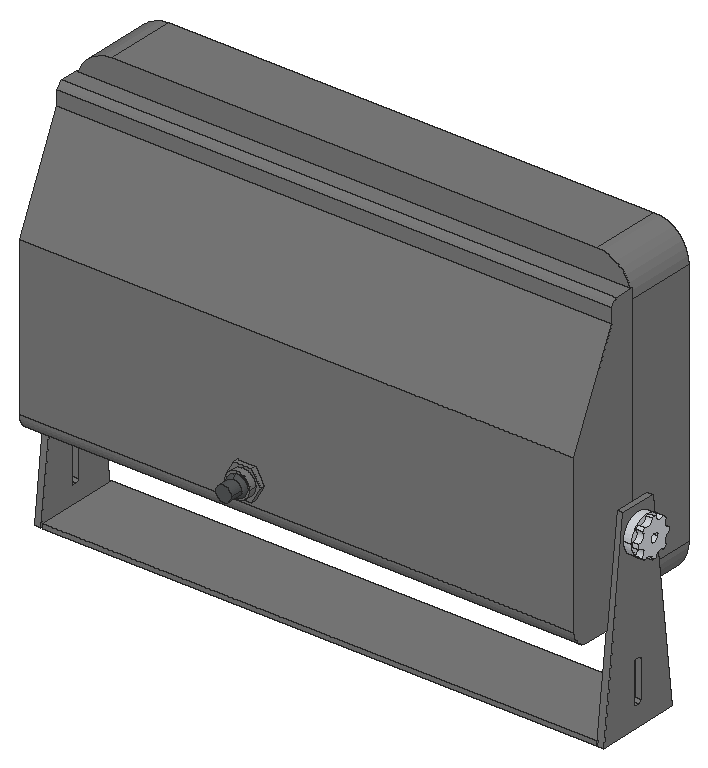
Revit family "WALL WASHER PRO_LV363WW.60", category Luminarias, Revit 2019 (continued)
Parameters (values of type "REFL_LV363WW.60")
    .32   112.88   \r\n 120.44   127.96   135.49   143.01   150.53   158.05   165.58   173.10   180.30   187.18   \r\n 194.07   199.38   204.68   208.54   210.94   213.35   212.16   210.97   207.62   202.11   \r\n 196.60   188.25   179.90   171.03   161.64   152.25   142.86   133.47   124.08   114.69   \r\n 105.30   99.12    92.94    86.76    80.58    74.41    68.23    62.05    56.16    50.57    \r\n 44.98    41.93    38.89    35.84    32.80    29.76    26.71    23.67    20.62    17.58    \r\n 14.53    11.49    8.45     6.78     6.51     6.23     5.95     5.67     5.39     5.11     \r\n 4.83     \r\n5.42     6.18     6.93     7.69     8.45     9.21     9.97     10.73    12.57    15.51    \r\n 18.44    21.37    24.30    27.24    30.17    33.10    36.04    38.97    41.90    44.83    \r\n 47.77    53.29    58.81    64.96    71.73    78.51    85.28    92.06    98.83    105.61   \r\n 112.38   118.58   124.77   130.96   137.15   143.34   149.54   155.73   161.60   167.16   \r\n 172.72   176.98   181.24   184.38   186.42   188.45   187.98   187.50   185.10   180.76   \r\n 176.42   169.64   162.85   155.44   147.41   139.38   131.34   123.31   115.28   107.24   \r\n 99.21    93.56    87.91    82.26    76.61    70.96    65.31    59.66    54.14    48.77    \r\n 43.40    40.47    37.55    34.62    31.69    28.76    25.84    22.91    19.98    17.05    \r\n 14.13    11.20    8.27     6.68     6.41     6.15     5.89     5.63     5.36     5.10     \r\n 4.84     \r\n5.42     6.16     6.90     7.65     8.39     9.13     9.88     10.62    12.41    15.25    \r\n 18.08    20.92    23.75    26.59    29.42    32.26    35.10    37.93    40.77    43.60    \r\n 46.44    51.68    56.93    62.61    68.73    74.85    80.96    87.08    93.20    99.32    \r\n 105.44   110.57   115.71   120.84   125.98   131.11   136.24   141.38   146.17   150.61   \r\n 155.04   158.60   162.15   164.87   166.77   168.66   168.07   167.47   165.51   162.18   \r\n 158.85   153.16   147.46   141.21   134.41   127.61   120.80   114.00   107.20   100.40   \r\n 93.60    88.40    83.19    77.99    72.79    67.58    62.38    57.18    52.03    46.96    \r\n 41.88    39.06    36.24    33.43    30.61    27.79    24.98    22.16    19.34    16.53    \r\n 13.71    10.89    8.08     6.55     6.30     6.06     5.81     5.57     5.33     5.08     \r\n 4.84     \r\n5.42     6.14     6.86     7.59     8.31     9.04     9.76     10.48    12.22    14.95    \r\n 17.69    20.43    23.17    25.91    28.65    31.39    34.12    36.86    39.60    42.34    \r\n 45.08    50.06    55.04    60.30    65.83    71.36    76.89    82.42    87.95    93.49    \r\n 99.02    103.28   107.54   111.81   116.07   120.33   124.59   128.86   133.10   137.32   \r\n 141.54   143.92   146.30   148.57   150.72   152.88   151.93   150.99   149.39   147.13   \r\n 144.88   139.90   134.93   129.50   123.62   117.74   111.87   105.99   100.11   94.23    \r\n 88.35    83.58    78.80    74.03    69.25    64.47    59.70    54.92    50.10    45.25    \r\n 40.40    37.69    34.98    32.27    29.56    26.85    24.15    21.44    18.73    16.02    \r\n 13.31    10.61    7.90     6.43     6.20     5.98     5.75     5.53     5.30     5.07     \r\n 4.85     \r\n5.43     6.14     6.84     7.55     8.26     8.96     9.67     10.37    12.05    14.69    \r\n 17.33    19.97    22.61    25.25    27.89    30.53    33.17    35.81    38.45    41.09    \r\n 43.73    48.49    53.25    58.14    63.17    68.19    73.22    78.24    83.27    88.30    \r\n 93.32    96.91    100.50   104.08   107.67   111.26   114.84   118.43   121.79   124.93   \r\n 128.07   130.29   132.52   134.33   135.72   137.11   136.87   136.63   135.40   133.18   \r\n 130.96   127.05   123.14   118.67   113.65   108.62   103.60   98.58    93.56    88.53    \r\n 83.51    79.10    74.70    70.29    65.88    61.47    57.06    52.66    48.13    43.49    \r\n 38.85    36.25    33.66    31.06    28.47    25.88    23.28    20.69    18.09    15.50    \r\n 12.91    10.31    7.72     6.32     6.11     5.89     5.68     5.47     5.26     5.05     \r\n 4.84     \r\n5.44     6.12     6.81     7.50     8.19     8.88     9.57     10.26    11.87    14.42    \r\n 16.96    19.51    22.05    24.60    27.14    29.69    32.23    34.78    37.32    39.87    \r\n 42.41    46.94    51.47    56.02    60.59    65.17    69.74    74.32    78.89    83.47    \r\n 88.04    91.12    94.20    97.28    100.35   103.43   106.51   109.58   112.38   114.89   \r\n 117.40   119.41   121.41   122.89   123.84   124.78   124.61   124.44   123.41   121.51   \r\n 119.62   116.37   113.12   109.33   104.99   100.65   96.31    91.97    87.62    83.28    \r\n 78.94    74.88    70.82    66.76    62.70    58.64    54.58    50.52    46.28    41.87    \r\n 37.45    34.96    32.47    29.98    27.49    25.00    22.51    20.02    17.53    15.03    \r\n 12.54    10.05    7.56     6.22     6.02     5.82     5.63     5.43     5.23     5.04     \r\n 4.84     \r\n5.42     6.09     6.77     7.44     8.12     8.80     9.47     10.15    11.71    14.17    \r\n 16.62    19.08    21.54    23.99    26.45    28.90    31.36    33.81    36.27    38.72    \r\n 41.18    45.46    49.73    53.96    58.15    62.33    66.52    70.71    74.89    79.08    \r\n 83.26    85.92    88.58    91.23    93.89    96.55    99.20    101.86   104.30   106.53   \r\n 108.75   110.31   111.88   113.11   114.02   114.93   114.70   114.46   113.52   111.85   \r\n 110.19   107.43   104.67   101.39   97.58    93.78    89.97    86.16    82.35    78.54    \r\n 74.74    70.97    67.21    63.45    59.68    55.92    52.15    48.39    44.40    40.19    \r\n 35.97    33.59    31.21    28.83    26.45    24.07    21.68    19.30    16.92    14.54    \r\n 12.16    9.78     7.40     6.12     5.93     5.75     5.57     5.39     5.21     5.03     \r\n 4.85     \r\n5.39     6.06     6.72     7.39     8.05     8.72     9.38     10.05    11.56    13.93    \r\n 16.29    18.66    21.02    23.39    25.75    28.12    30.48    32.85    35.21    37.58    \r\n 39.94    43.99    48.04    51.99    55.84    59.69    63.53    67.38    71.23    75.08    \r\n 78.93    81.25    83.56    85.88    88.20    90.51    92.83    95.15    97.26    99.17    \r\n 101.08   102.44   103.81   104.82   105.47   106.13   105.88   105.62   104.76   103.29   \r\n 101.83   99.39    96.95    94.07    90.75    87.43    84.10    80.78    77.45    74.13    \r\n 70.81    67.31    63.81    60.31    56.81    53.30    49.80    46.30    42.55    38.55    \r\n 34.55    32.27    30.00    27.72    25.44    23.17    20.89    18.61    16.34    14.06    \r\n 11.78    9.51     7.23     6.01     5.84     5.67     5.50     5.34     5.17     5.00     \r\n 4.83     \r\n5.40     6.05     6.70     7.35     8.00     8.65     9.30     9.95     11.42    13.69    \r\n 15.96    18.24    20.51    22.79    25.06    27.34    29.61    31.89    34.16    36.43    \r\n 38.71    42.57    46.43    50.13    53.67    57.22    60.76    64.30    67.84    71.38    \r\n 74.93    76.97    79.02    81.06    83.10    85.15    87.19    89.24    91.08    92.73    \r\n 94.37    95.55    96.73    97.57    98.08    98.58    98.34    98.09    97.30    95.98    \r\n 94.67    92.56    90.45    87.92    84.95    81.99    79.02    76.06    73.09    70.13    \r\n 67.16    63.89    60.63    57.36    54.10    50.83    47.56    44.30    40.76    36.94    \r\n 33.13    30.96    28.79    26.62    24.45    22.28    20.11    17.94    15.77    13.60    \r\n 11.43    9.26     7.09     5.93     5.77     5.61     5.46     5.30     5.14     4.99     \r\n 4.83     \r\n5.42     6.05     6.68     7.31     7.94     8.57     9.21     9.84     11.25    13.43    \r\n 15.62    17.81    19.99    22.18    24.37    26.56    28.74    30.93    33.12    35.30    \r\n 37.49    41.15    44.81    48.28    51.56    54.84    58.12    61.41    64.69    67.97    \r\n 71.25    73.07    74.89    76.72    78.54    80.36    82.18    84.00    85.63    87.07    \r\n 88.51    89.52    90.52    91.23    91.63    92.02    91.77    91.52    90.77    89.53    \r\n 88.30    86.39    84.49    82.21    79.56    76.92    74.27    71.62    68.97    66.32    \r\n 63.67    60.63    57.58    54.53    51.48    48.43    45.39    42.34    38.99    35.34    \r\n 31.69    29.63    27.56    25.50    23.43    21.37    19.30    17.24    15.17    13.11    \r\n 11.04    8.98     6.91     5.81     5.67     5.53     5.39     5.25     5.12     4.98     \r\n 4.84     \r\n5.43     6.04     6.66     7.27     7.89     8.51     9.12     9.74     11.10    13.19    \r\n 15.29    17.39    19.48    21.58    23.68    25.77    27.87    29.97    32.07    34.16    \r\n 36.26    39.73    43.21    46.47    49.51    52.56    55.61    58.66    61.71    64.76    \r\n 67.81    69.44    71.07    72.70    74.34    75.97    77.60    79.23    80.70    82.00    \r\n 83.29    84.16    85.04    85.64    85.99    86.33    85.99    85.64    84.91    83.79    \r\n 82.67    80.92    79.16    77.09    74.71    72.32    69.94    67.56    65.17    62.79    \r\n 60.41    57.55    54.69    51.84    48.98    46.12    43.27    40.41    37.23    33.73    \r\n 30.22    28.27    26.31    24.35    22.40    20.44    18.48    16.52    14.57    12.61    \r\n 10.65    8.70     6.74     5.70     5.58     5.45     5.33     5.21     5.08     4.96     \r\n 4.84     \r\n5.43     6.03     6.63     7.23     7.83     8.43     9.03     9.63     10.93    12.94    \r\n 14.95    16.96    18.96    20.97    22.98    24.98    26.99    29.00    31.01    33.01    \r\n 35.02    38.35    41.68    44.76    47.59    50.42    53.25    56.08    58.91    61.74    \r\n 64.56    66.06    67.56    69.05    70.55    72.05    73.54    75.04    76.35    77.49    \r\n 78.63    79.42    80.22    80.74    80.98    81.23    80.86    80.49    79.78    78.73    \r\n 77.68    76.09    74.50    72.62    70.43    68.24    66.05    63.86    61.67    59.48    \r\n 57.30    54.61    51.92    49.24    46.55    43.87    41.18    38.49    35.48    32.14    \r\n 28.80    26.95    25.10    23.25    21.40    19.55    17.70    15.86    14.01    12.16    \r\n 10.31    8.46     6.61     5.63     5.52     5.41     5.30     5.19     5.07     4.96     \r\n 4.85     \r\n5.44     6.02     6.61     7.20     7.78     8.37     8.95     9.54     10.79    12.71    \r\n 14.63    16.54    18.46    20.38    22.29    24.21    26.13    28.05    29.96    31.88    \r\n 33.80    36.96    40.13    43.03    45.67    48.31    50.94    53.58    56.22    58.86    \r\n 61.49    62.86    64.23    65.60    66.97    68.34    69.71    71.08    72.31    73.39    \r\n 74.48    75.16    75.85    76.28    76.46    76.63    76.26    75.89    75.19    74.17    \r\n 73.15    71.69    70.24    68.50    66.49    64.47    62.45    60.44    58.42    56.40    \r\n 54.39    51.86    49.33    46.79    44.26    41.73    39.20    36.67    33.80    30.61    \r\n 27.42    25.67    23.92    22.17    20.43    18.68    16.93    15.18    13.44    11.69    \r\n 9.94     8.19     6.44     5.52     5.43     5.33     5.24     5.15     5.05     4.96     \r\n 4.86     \r\n5.42     6.00     6.57     7.15     7.72     8.30     8.87     9.45     10.65    12.47    \r\n 14.30    16.13    17.96    19.78    21.61    23.44    25.27    27.09    28.92    30.75    \r\n 32.58    35.58    38.59    41.33    43.79    46.25    48.72    51.18    53.64    56.10    \r\n 58.57    59.85    61.13    62.41    63.69    64.97    66.25    67.53    68.66    69.64    \r\n 70.62    71.24    71.87    72.24    72.38    72.51    72.15    71.79    71.10    70.09    \r\n 69.09    67.70    66.32    64.70    62.83    60.97    59.10    57.23    55.36    53.50    \r\n 51.63    49.22    46.82    44.41    42.00    39.60    37.19    34.78    32.07    29.04    \r\n 26.02    24.38    22.73    21.09    19.45    17.80    16.16    14.52    12.88    11.23    \r\n 9.59     7.95     6.30     5.44     5.36     5.27     5.19     5.10     5.02     4.94     \r\n 4.85     \r\n5.44     6.00     6.56     7.12     7.68     8.24     8.80     9.36     10.51    12.25    \r\n 13.99    15.73    17.47    19.21    20.95    22.69    24.43    26.17    27.91    29.65    \r\n 31.39    34.24    37.10    39.67    41.97    44.27    46.57    48.87    51.18    53.48    \r\n 55.78    56.98    58.18    59.38    60.58    61.78    62.98    64.18    65.23    66.14    \r\n 67.04    67.68    68.31    68.66    68.73    68.80    68.41    68.02    67.34    66.36    \r\n 65.38    64.05    62.72    61.19    59.45    57.71    55.97    54.23    52.49    50.75    \r\n 49.01    46.72    44.44    42.15    39.86    37.57    35.28    32.99    30.41    27.54    \r\n 24.67    23.13    21.58    20.04    18.50    16.96    15.42    13.87    12.33    10.79    \r\n 9.25     7.71     6.16     5.36     5.28     5.21     5.14     5.07     5.00     4.92     \r\n 4.85     \r\n5.43     5.98     6.52     7.07     7.62     8.16     8.71     9.26     10.36    12.01    \r\n 13.66    15.31    16.97    18.62    20.27    21.92    23.58    25.23    26.88    28.53    \r\n 30.19    32.89    35.60    38.04    40.20    42.37    44.53    46.69    48.86    51.02    \r\n 53.19    54.32    55.45    56.58    57.71    58.84    59.98    61.11    62.11    62.99    \r\n 63.86    64.39    64.93    65.23    65.30    65.38    64.96    64.54    63.86    62.91    \r\n 61.97    60.69    59.41    57.95    56.31    54.66    53.02    51.38    49.73    48.09    \r\n 46.44    44.26    42.09    39.91    37.73    35.55    33.37    31.19    28.76    26.07    \r\n 23.38    21.93    20.48    19.04    17.59    16.15    14.70    13.25    11.81    10.36    \r\n 8.92     7.47     6.02     5.27     5.21     5.15     5.10     5.04     4.98     4.92     \r\n 4.86     \r\n5.45     5.98     6.51     7.04     7.58     8.11     8.64     9.17     10.22    11.79    \r\n 13.36    14.93    16.50    18.07    19.64    21.21    22.78    24.35    25.92    27.49    \r\n 29.05    31.61    34.16    36.45    38.47    40.49    42.51    44.53    46.55    48.57    \r\n 50.59    51.67    52.75    53.83    54.90    55.98    57.06    58.14    59.10    59.94    \r\n 60.78    61.30    61.81    62.09    62.13    62.17    61.75    61.33    60.66    59.74    \r\n 58.81    57.56    56.30    54.89    53.32    51.75    50.18    48.61    47.04    45.47    \r\n 43.90    41.84    39.78    37.72    35.67    33.61    31.55    29.50    27.19    24.64    \r\n 22.10    20.75    19.40    18.05    16.70    15.34    13.99    12.64    11.29    9.94     \r\n 8.59     7.24     5.89     5.20     5.15     5.11     5.06     5.02     4.97     4.93     \r\n 4.89     \r\n5.45     5.96     6.48     7.00     7.52     8.03     8.55     9.07     10.07    11.56    \r\n 13.06    14.55    16.04    17.53    19.02    20.51    22.00    23.49    24.98    26.47    \r\n 27.96    30.36    32.75    34.90    36.78    38.66    40.55    42.43    44.32    46.20    \r\n 48.09    49.13    50.17    51.21    52.25    53.30    54.34    55.38    56.31    57.12    \r\n 57.94    58.43    58.92    59.17    59.16    59.16    58.79    58.41    57.74    56.77    \r\n 55.80    54.64    53.49    52.15    50.62    49.09    47.55    46.02    44.49    42.96    \r\n 41.43    39.48    37.54    35.59    33.65    31.71    29.76    27.82    25.65    23.27    \r\n 20.89    19.63    18.37    17.11    15.85    14.59    13.33    12.07    10.81    9.54     \r\n 8.28     7.02     5.76     5.11     5.08     5.04     5.01     4.97     4.94     4.90     \r\n 4.87     \r\n5.45     5.96     6.47     6.98     7.49     8.00     8.51     9.02     9.98     11.39    \r\n 12.80    14.22    15.63    17.04    18.45    19.87    21.28    22.69    24.10    25.52    \r\n 26.93    29.16    31.39    33.39    35.16    36.93    38.69    40.46    42.23    44.00    \r\n 45.76    46.75    47.74    48.73    49.71    50.70    51.69    52.68    53.58    54.39    \r\n 55.20    55.70    56.19    56.44    56.43    56.42    56.01    55.60    54.93    53.99    \r\n 53.06    51.91    50.75    49.44    47.97    46.50    45.02    43.55    42.08    40.60    \r\n 39.13    37.29    35.44    33.60    31.75    29.90    28.06    26.21    24.18    21.97    \r\n 19.76    18.58    17.41    16.24    15.06    13.89    12.71    11.54    10.36    9.19     \r\n 8.01     6.84     5.67     5.06     5.03     5.00     4.97     4.94     4.91     4.88     \r\n 4.85     \r\n5.46     5.95     6.45     6.94     7.44     7.93     8.43     8.93     9.85     11.19    \r\n 12.53    13.88    15.22    16.56    17.90    19.25    20
